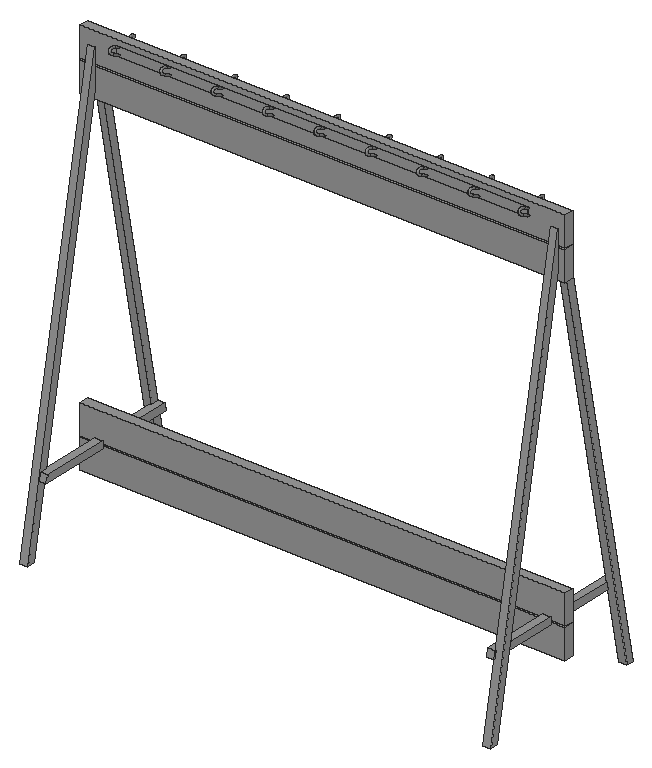
Revit family "Подставка для лыж 16 Арт 10006", category Антураж, Revit 2018
Family settings
  На основе рабочей плоскости = Нет
  Всегда вертикально = Да
  При загрузке вырезать с полостями = Нет
  Источник визуального образа = Геометрия семейства
  Общий = Нет
  Точка расчета площади = Нет
Parameters (values of type "Подставка для лыж 16")
  Ширина = 600 mm  # constant formula
  Цвет каркаса = Дерево
  Описание = "Подставка для лыж 16"  # constant formula
  Материал изделия = "Дерево"  # constant formula
  Изображение типоразмера = Подставка для лыж 16 Арт 10006.jpg
  Изготовитель = "ООО «Хоббика»"  # constant formula
  Длина = 1640 mm  # constant formula
  Группа модели = "Подставки для лыж и сноубордов"  # constant formula
  Высота = 1500 mm  # constant formula
  Артикул товара = "Арт 10006"  # constant formula
  URL = "https://hobbyka.ru/product/podstavka_dlya_lyzh_16/"
Reference planes
  plane 1 "По центру (Вперед/Назад)": y = 0
  plane 2: z = 0
  plane 3 "По центру (Влево/Вправо)": x = 0
  plane 4: y = 600
  plane 5: x = 1640
  plane 6: z = 1500
Forms (mm)
  Extrusion 1, solid, material "Дерево" <- "Цвет каркаса"
    sketch origin (0, 0, 0) x (0, 1, 0) y (0, 0, 1)
      loop
        line (315, 1500) -> (285, 1500) -> (285, 1400) -> (315, 1400) -> (315, 1500)
      loop
        line (315, 1395) -> (285, 1395) -> (285, 1295) -> (315, 1295) -> (315, 1395)
      loop
        line (315, 355) -> (285, 355) -> (285, 255) -> (315, 255) -> (315, 355)
      loop
        line (315, 250) -> (285, 250) -> (285, 150) -> (315, 150) -> (315, 250)
    from 0 to 1640
  Extrusion 2, solid, material "Дерево" <- "Цвет каркаса"
    sketch origin (0, 0, 0) x (0, 1, 0) y (0, 0, 1)
      loop
        line (315, 1450) -> (315, 1320.373) -> (574.522, 0) -> (600, 0) -> (315, 1450)
      loop
        line (285, 1450) -> (0, 0) -> (25.478, 0) -> (285, 1320.373) -> (285, 1450)
    from 25 to 50
  Extrusion 3, solid, material "Дерево" <- "Цвет каркаса"
    sketch origin (0, 0, 0) x (0, 1, 0) y (0, 0, 1)
      loop
        line (552.828, 240) -> (547.914, 265) -> (52.086, 265) -> (47.172, 240) -> (552.828, 240)
    from 50 to 75
  Extrusion 4, solid, material "Дерево" <- "Цвет каркаса"
    sketch origin (1640, 0, 0) x (0, 1, 0) y (0, 0, -1)
      loop
        line (315, -1450) -> (600, 0) -> (574.522, 0) -> (315, -1320.373) -> (315, -1450)
      loop
        line (285, -1450) -> (285, -1320.373) -> (25.478, 0) -> (0, 0) -> (285, -1450)
    from 25 to 50
  Extrusion 5, solid, material "Дерево" <- "Цвет каркаса"
    sketch origin (1640, 0, 0) x (0, 1, 0) y (0, 0, -1)
      loop
        line (552.828, -240) -> (47.172, -240) -> (52.086, -265) -> (547.914, -265) -> (552.828, -240)
    from 50 to 75
  Extrusion 6, solid, material "Хром"
    sketch origin (0, 0, 0) x (1, 0, 0) y (0, 0, 1)
      loop
        line (125, 1480) -> (125, 1448.89) -> (1515, 1448.89) -> (1515, 1480) -> (125, 1480)
    from -284 to -285
  Extrusion 7, solid, material "Хром"
    sketch origin (0, 600, 0) x (1, 0, 0) y (0, 0, -1)
      loop
        line (125, -1480) -> (1515, -1480) -> (1515, -1448.89) -> (125, -1448.89) -> (125, -1480)
    from -284 to -285
  Sweep 8, solid, material "Хром"
    path origin (0, 0, 0) x (0, 1, 0) y (0, 0, 1)
      loop
        line (293.063, 1475.774) -> (270.405, 1486.339)
        spline (270.405, 1486.339) -> (265.534, 1488.141) -> (260.635, 1489.048) -> (256.041, 1488.998) -> (252.066, 1487.995) -> (248.981, 1486.107) -> (246.996, 1483.463) -> (246.247, 1480.243) -> (246.784, 1476.666) -> (248.57, 1472.976) -> (251.485, 1469.426) -> (255.329, 1466.255) -> (259.84, 1463.682)
        line (259.84, 1463.682) -> (291.561, 1448.89)
    profile origin (0, 281.734, 1481.057) x (0, -0.422618, -0.906308) y (1, 0, 0)
      loop
        circle (2.5, 127.5) r 2.5
  Sweep 9, solid, material "Хром"
    path origin (173.75, 0, 0) x (0, 1, 0) y (0, 0, 1)
      loop
        line (293.063, 1475.774) -> (270.405, 1486.339)
        spline (270.405, 1486.339) -> (265.534, 1488.141) -> (260.635, 1489.048) -> (256.041, 1488.998) -> (252.066, 1487.995) -> (248.981, 1486.107) -> (246.996, 1483.463) -> (246.247, 1480.243) -> (246.784, 1476.666) -> (248.57, 1472.976) -> (251.485, 1469.426) -> (255.329, 1466.255) -> (259.84, 1463.682)
        line (259.84, 1463.682) -> (291.561, 1448.89)
    profile origin (173.75, 281.734, 1481.057) x (0, -0.422618, -0.906308) y (1, 0, 0)
      loop
        circle (2.5, 127.5) r 2.5
  Sweep 10, solid, material "Хром"
    path origin (347.5, 0, 0) x (0, 1, 0) y (0, 0, 1)
      loop
        line (293.063, 1475.774) -> (270.405, 1486.339)
        spline (270.405, 1486.339) -> (265.534, 1488.141) -> (260.635, 1489.048) -> (256.041, 1488.998) -> (252.066, 1487.995) -> (248.981, 1486.107) -> (246.996, 1483.463) -> (246.247, 1480.243) -> (246.784, 1476.666) -> (248.57, 1472.976) -> (251.485, 1469.426) -> (255.329, 1466.255) -> (259.84, 1463.682)
        line (259.84, 1463.682) -> (291.561, 1448.89)
    profile origin (347.5, 281.734, 1481.057) x (0, -0.422618, -0.906308) y (1, 0, 0)
      loop
        circle (2.5, 127.5) r 2.5
  Sweep 11, solid, material "Хром"
    path origin (521.25, 0, 0) x (0, 1, 0) y (0, 0, 1)
      loop
        line (293.063, 1475.774) -> (270.405, 1486.339)
        spline (270.405, 1486.339) -> (265.534, 1488.141) -> (260.635, 1489.048) -> (256.041, 1488.998) -> (252.066, 1487.995) -> (248.981, 1486.107) -> (246.996, 1483.463) -> (246.247, 1480.243) -> (246.784, 1476.666) -> (248.57, 1472.976) -> (251.485, 1469.426) -> (255.329, 1466.255) -> (259.84, 1463.682)
        line (259.84, 1463.682) -> (291.561, 1448.89)
    profile origin (521.25, 281.734, 1481.057) x (0, -0.422618, -0.906308) y (1, 0, 0)
      loop
        circle (2.5, 127.5) r 2.5
  Sweep 12, solid, material "Хром"
    path origin (695, 0, 0) x (0, 1, 0) y (0, 0, 1)
      loop
        line (293.063, 1475.774) -> (270.405, 1486.339)
        spline (270.405, 1486.339) -> (265.534, 1488.141) -> (260.635, 1489.048) -> (256.041, 1488.998) -> (252.066, 1487.995) -> (248.981, 1486.107) -> (246.996, 1483.463) -> (246.247, 1480.243) -> (246.784, 1476.666) -> (248.57, 1472.976) -> (251.485, 1469.426) -> (255.329, 1466.255) -> (259.84, 1463.682)
        line (259.84, 1463.682) -> (291.561, 1448.89)
    profile origin (695, 281.734, 1481.057) x (0, -0.422618, -0.906308) y (1, 0, 0)
      loop
        circle (2.5, 127.5) r 2.5
  Sweep 13, solid, material "Хром"
    path origin (868.75, 0, 0) x (0, 1, 0) y (0, 0, 1)
      loop
        line (293.063, 1475.774) -> (270.405, 1486.339)
        spline (270.405, 1486.339) -> (265.534, 1488.141) -> (260.635, 1489.048) -> (256.041, 1488.998) -> (252.066, 1487.995) -> (248.981, 1486.107) -> (246.996, 1483.463) -> (246.247, 1480.243) -> (246.784, 1476.666) -> (248.57, 1472.976) -> (251.485, 1469.426) -> (255.329, 1466.255) -> (259.84, 1463.682)
        line (259.84, 1463.682) -> (291.561, 1448.89)
    profile origin (868.75, 281.734, 1481.057) x (0, -0.422618, -0.906308) y (1, 0, 0)
      loop
        circle (2.5, 127.5) r 2.5
  Sweep 14, solid, material "Хром"
    path origin (1042.5, 0, 0) x (0, 1, 0) y (0, 0, 1)
      loop
        line (293.063, 1475.774) -> (270.405, 1486.339)
        spline (270.405, 1486.339) -> (265.534, 1488.141) -> (260.635, 1489.048) -> (256.041, 1488.998) -> (252.066, 1487.995) -> (248.981, 1486.107) -> (246.996, 1483.463) -> (246.247, 1480.243) -> (246.784, 1476.666) -> (248.57, 1472.976) -> (251.485, 1469.426) -> (255.329, 1466.255) -> (259.84, 1463.682)
        line (259.84, 1463.682) -> (291.561, 1448.89)
    profile origin (1042.5, 281.734, 1481.057) x (0, -0.422618, -0.906308) y (1, 0, 0)
      loop
        circle (2.5, 127.5) r 2.5
  Sweep 15, solid, material "Хром"
    path origin (1640, 0, 0) x (0, 1, 0) y (0, 0, -1)
      loop
        line (293.063, -1475.774) -> (270.405, -1486.339)
        spline (270.405, -1486.339) -> (265.534, -1488.141) -> (260.635, -1489.048) -> (256.041, -1488.998) -> (252.066, -1487.995) -> (248.981, -1486.107) -> (246.996, -1483.463) -> (246.247, -1480.243) -> (246.784, -1476.666) -> (248.57, -1472.976) -> (251.485, -1469.426) -> (255.329, -1466.255) -> (259.84, -1463.682)
        line (259.84, -1463.682) -> (291.561, -1448.89)
    profile origin (1640, 281.734, 1481.057) x (0, 0.422618, 0.906308) y (-1, 0, 0)
      loop
        circle (-2.5, 127.5) r 2.5
  Sweep 16, solid, material "Хром"
    path origin (1216.25, 0, 0) x (0, 1, 0) y (0, 0, 1)
      loop
        line (293.063, 1475.774) -> (270.405, 1486.339)
        spline (270.405, 1486.339) -> (265.534, 1488.141) -> (260.635, 1489.048) -> (256.041, 1488.998) -> (252.066, 1487.995) -> (248.981, 1486.107) -> (246.996, 1483.463) -> (246.247, 1480.243) -> (246.784, 1476.666) -> (248.57, 1472.976) -> (251.485, 1469.426) -> (255.329, 1466.255) -> (259.84, 1463.682)
        line (259.84, 1463.682) -> (291.561, 1448.89)
    profile origin (1216.25, 281.734, 1481.057) x (0, -0.422618, -0.906308) y (1, 0, 0)
      loop
        circle (2.5, 127.5) r 2.5
  Sweep 17, solid, material "Хром"
    path origin (0, 600, 0) x (0, -1, 0) y (0, 0, 1)
      loop
        line (293.063, 1475.774) -> (270.405, 1486.339)
        spline (270.405, 1486.339) -> (265.534, 1488.141) -> (260.635, 1489.048) -> (256.041, 1488.998) -> (252.066, 1487.995) -> (248.981, 1486.107) -> (246.996, 1483.463) -> (246.247, 1480.243) -> (246.784, 1476.666) -> (248.57, 1472.976) -> (251.485, 1469.426) -> (255.329, 1466.255) -> (259.84, 1463.682)
        line (259.84, 1463.682) -> (291.561, 1448.89)
    profile origin (0, 318.266, 1481.057) x (0, -0.422618, 0.906308) y (1, 0, 0)
      loop
        circle (-2.5, 127.5) r 2.5
  Sweep 18, solid, material "Хром"
    path origin (173.75, 600, 0) x (0, -1, 0) y (0, 0, -1)
      loop
        line (293.063, -1475.774) -> (270.405, -1486.339)
        spline (270.405, -1486.339) -> (265.534, -1488.141) -> (260.635, -1489.048) -> (256.041, -1488.998) -> (252.066, -1487.995) -> (248.981, -1486.107) -> (246.996, -1483.463) -> (246.247, -1480.243) -> (246.784, -1476.666) -> (248.57, -1472.976) -> (251.485, -1469.426) -> (255.329, -1466.255) -> (259.84, -1463.682)
        line (259.84, -1463.682) -> (291.561, -1448.89)
    profile origin (173.75, 318.266, 1481.057) x (0, -0.422618, 0.906308) y (1, 0, 0)
      loop
        circle (-2.5, 127.5) r 2.5
  Sweep 19, solid, material "Хром"
    path origin (347.5, 600, 0) x (0, -1, 0) y (0, 0, -1)
      loop
        line (293.063, -1475.774) -> (270.405, -1486.339)
        spline (270.405, -1486.339) -> (265.534, -1488.141) -> (260.635, -1489.048) -> (256.041, -1488.998) -> (252.066, -1487.995) -> (248.981, -1486.107) -> (246.996, -1483.463) -> (246.247, -1480.243) -> (246.784, -1476.666) -> (248.57, -1472.976) -> (251.485, -1469.426) -> (255.329, -1466.255) -> (259.84, -1463.682)
        line (259.84, -1463.682) -> (291.561, -1448.89)
    profile origin (347.5, 318.266, 1481.057) x (0, -0.422618, 0.906308) y (1, 0, 0)
      loop
        circle (-2.5, 127.5) r 2.5
  Sweep 20, solid, material "Хром"
    path origin (521.25, 600, 0) x (0, -1, 0) y (0, 0, -1)
      loop
        line (293.063, -1475.774) -> (270.405, -1486.339)
        spline (270.405, -1486.339) -> (265.534, -1488.141) -> (260.635, -1489.048) -> (256.041, -1488.998) -> (252.066, -1487.995) -> (248.981, -1486.107) -> (246.996, -1483.463) -> (246.247, -1480.243) -> (246.784, -1476.666) -> (248.57, -1472.976) -> (251.485, -1469.426) -> (255.329, -1466.255) -> (259.84, -1463.682)
        line (259.84, -1463.682) -> (291.561, -1448.89)
    profile origin (521.25, 318.266, 1481.057) x (0, -0.422618, 0.906308) y (1, 0, 0)
      loop
        circle (-2.5, 127.5) r 2.5
  Sweep 21, solid, material "Хром"
    path origin (695, 600, 0) x (0, -1, 0) y (0, 0, -1)
      loop
        line (293.063, -1475.774) -> (270.405, -1486.339)
        spline (270.405, -1486.339) -> (265.534, -1488.141) -> (260.635, -1489.048) -> (256.041, -1488.998) -> (252.066, -1487.995) -> (248.981, -1486.107) -> (246.996, -1483.463) -> (246.247, -1480.243) -> (246.784, -1476.666) -> (248.57, -1472.976) -> (251.485, -1469.426) -> (255.329, -1466.255) -> (259.84, -1463.682)
        line (259.84, -1463.682) -> (291.561, -1448.89)
    profile origin (695, 318.266, 1481.057) x (0, -0.422618, 0.906308) y (1, 0, 0)
      loop
        circle (-2.5, 127.5) r 2.5
  Sweep 22, solid, material "Хром"
    path origin (868.75, 600, 0) x (0, -1, 0) y (0, 0, -1)
      loop
        line (293.063, -1475.774) -> (270.405, -1486.339)
        spline (270.405, -1486.339) -> (265.534, -1488.141) -> (260.635, -1489.048) -> (256.041, -1488.998) -> (252.066, -1487.995) -> (248.981, -1486.107) -> (246.996, -1483.463) -> (246.247, -1480.243) -> (246.784, -1476.666) -> (248.57, -1472.976) -> (251.485, -1469.426) -> (255.329, -1466.255) -> (259.84, -1463.682)
        line (259.84, -1463.682) -> (291.561, -1448.89)
    profile origin (868.75, 318.266, 1481.057) x (0, -0.422618, 0.906308) y (1, 0, 0)
      loop
        circle (-2.5, 127.5) r 2.5
  Sweep 23, solid, material "Хром"
    path origin (1042.5, 600, 0) x (0, -1, 0) y (0, 0, -1)
      loop
        line (293.063, -1475.774) -> (270.405, -1486.339)
        spline (270.405, -1486.339) -> (265.534, -1488.141) -> (260.635, -1489.048) -> (256.041, -1488.998) -> (252.066, -1487.995) -> (248.981, -1486.107) -> (246.996, -1483.463) -> (246.247, -1480.243) -> (246.784, -1476.666) -> (248.57, -1472.976) -> (251.485, -1469.426) -> (255.329, -1466.255) -> (259.84, -1463.682)
        line (259.84, -1463.682) -> (291.561, -1448.89)
    profile origin (1042.5, 318.266, 1481.057) x (0, -0.422618, 0.906308) y (1, 0, 0)
      loop
        circle (-2.5, 127.5) r 2.5
  Sweep 24, solid, material "Хром"
    path origin (1640, 600, 0) x (0, -1, 0) y (0, 0, 1)
      loop
        line (293.063, 1475.774) -> (270.405, 1486.339)
        spline (270.405, 1486.339) -> (265.534, 1488.141) -> (260.635, 1489.048) -> (256.041, 1488.998) -> (252.066, 1487.995) -> (248.981, 1486.107) -> (246.996, 1483.463) -> (246.247, 1480.243) -> (246.784, 1476.666) -> (248.57, 1472.976) -> (251.485, 1469.426) -> (255.329, 1466.255) -> (259.84, 1463.682)
        line (259.84, 1463.682) -> (291.561, 1448.89)
    profile origin (1640, 318.266, 1481.057) x (0, 0.422618, -0.906308) y (-1, 0, 0)
      loop
        circle (2.5, 127.5) r 2.5
  Sweep 25, solid, material "Хром"
    path origin (1216.25, 600, 0) x (0, -1, 0) y (0, 0, -1)
      loop
        line (293.063, -1475.774) -> (270.405, -1486.339)
        spline (270.405, -1486.339) -> (265.534, -1488.141) -> (260.635, -1489.048) -> (256.041, -1488.998) -> (252.066, -1487.995) -> (248.981, -1486.107) -> (246.996, -1483.463) -> (246.247, -1480.243) -> (246.784, -1476.666) -> (248.57, -1472.976) -> (251.485, -1469.426) -> (255.329, -1466.255) -> (259.84, -1463.682)
        line (259.84, -1463.682) -> (291.561, -1448.89)
    profile origin (1216.25, 318.266, 1481.057) x (0, -0.422618, 0.906308) y (1, 0, 0)
      loop
        circle (-2.5, 127.5) r 2.5
Cuts and joins
  joined: Extrusion 1, Extrusion 3, Extrusion 5
Dimensions and locks
  "Длина": plane 3 "По центру (Влево/Вправо)" to plane 5
  "Ширина": plane 4 to plane 1 "По центру (Вперед/Назад)"
  "Высота": plane 6 to plane 2
  aligned and locked: level to plane 2
Automatic sketch dimensions
  Extrusion 1 sketch curve to plane 6 = 0 mm
  Extrusion 1 sketch curve to plane 1 "По центру (Вперед/Назад)" = 285 mm  (x2)
  Extrusion 1 sketch curve to Extrusion 1 sketch curve = 0 mm  (x4)
  Extrusion 1 sketch curve to Extrusion 1 sketch curve = 30 mm  (x2)
  Extrusion 1 sketch curve to plane 6 = 100 mm
  Extrusion 1 sketch curve to Extrusion 1 sketch curve = 5 mm  (x2)
  Extrusion 1 sketch curve to Extrusion 1 sketch curve = 100 mm  (x3)
  level to Extrusion 1 sketch curve = 355 mm
  Extrusion 2 sketch curve to level = 0 mm  (x2)
  Extrusion 2 sketch curve to plane 1 "По центру (Вперед/Назад)" = 0 mm
  Extrusion 2 sketch curve to plane 4 = 0 mm
  Extrusion 2 sketch curve to plane 1 "По центру (Вперед/Назад)" = 25.478 mm
  Extrusion 2 sketch curve to plane 1 "По центру (Вперед/Назад)" = 285 mm
  Extrusion 2 sketch curve to plane 6 = 50 mm
  Extrusion 2 sketch curve to Extrusion 2 sketch curve = 30 mm
  Extrusion 2 sketch curve to plane 4 = 25.478 mm
  Extrusion 2 sketch curve to Extrusion 2 sketch curve = 129.627 mm
  Extrusion 2 sketch curve to Extrusion 2 sketch curve = 0 mm  (x2)
  Extrusion 3 sketch curve to plane 1 "По центру (Вперед/Назад)" = 47.172 mm
  Extrusion 3 sketch curve to Extrusion 3 sketch curve = 4.914 mm  (x2)
  Extrusion 3 sketch curve to plane 4 = 52.086 mm
  level to Extrusion 3 sketch curve = 240 mm
  Extrusion 3 sketch curve to Extrusion 3 sketch curve = 25 mm
  Extrusion 4 sketch curve to level = 0 mm  (x2)
  Extrusion 4 sketch curve to plane 1 "По центру (Вперед/Назад)" = 0 mm
  Extrusion 4 sketch curve to plane 4 = 0 mm
  Extrusion 4 sketch curve to plane 1 "По центру (Вперед/Назад)" = 25.478 mm
  Extrusion 4 sketch curve to plane 1 "По центру (Вперед/Назад)" = 285 mm
  Extrusion 4 sketch curve to plane 6 = 50 mm
  Extrusion 4 sketch curve to Extrusion 4 sketch curve = 30 mm
  Extrusion 4 sketch curve to plane 4 = 25.478 mm
  Extrusion 4 sketch curve to Extrusion 4 sketch curve = 0 mm  (x2)
  Extrusion 4 sketch curve to Extrusion 4 sketch curve = 129.627 mm
  Extrusion 5 sketch curve to plane 1 "По центру (Вперед/Назад)" = 47.172 mm
  Extrusion 5 sketch curve to Extrusion 5 sketch curve = 4.914 mm  (x2)
  Extrusion 5 sketch curve to plane 4 = 52.086 mm
  level to Extrusion 5 sketch curve = 265 mm
  Extrusion 5 sketch curve to Extrusion 5 sketch curve = 25 mm
  Extrusion 6 sketch curve to plane 6 = 51.11 mm
  plane 3 "По центру (Влево/Вправо)" to Extrusion 6 sketch curve = 125 mm
  Extrusion 6 sketch curve to plane 5 = 125 mm
  Extrusion 6 sketch curve to plane 6 = 20 mm
  Extrusion 7 sketch curve to plane 6 = 51.11 mm
  plane 3 "По центру (Влево/Вправо)" to Extrusion 7 sketch curve = 125 mm
  Extrusion 7 sketch curve to plane 5 = 125 mm
  Extrusion 7 sketch curve to plane 6 = 20 mm
  Sweep 8 sketch curve to plane 6 = 36.318 mm
  Sweep 8 sketch curve to plane 1 "По центру (Вперед/Назад)" = 259.84 mm
  Sweep 8 sketch curve to plane 6 = 13.661 mm
  Sweep 8 sketch curve to plane 6 = 51.11 mm
  Sweep 8 sketch curve to Sweep 8 sketch curve = 31.721 mm
  Sweep 8 sketch curve to plane 6 = 24.226 mm
  Sweep 8 sketch curve to Sweep 8 sketch curve = 22.658 mm
  Sweep 8 sketch curve to profile plane = 2.5 mm
  plane 3 "По центру (Влево/Вправо)" to Sweep 8 sketch curve = 127.5 mm
  Sweep 9 sketch curve to plane 6 = 36.318 mm
  Sweep 9 sketch curve to plane 1 "По центру (Вперед/Назад)" = 259.84 mm
  Sweep 9 sketch curve to plane 6 = 13.661 mm
  Sweep 9 sketch curve to plane 6 = 51.11 mm
  Sweep 9 sketch curve to Sweep 9 sketch curve = 31.721 mm
  Sweep 9 sketch curve to plane 6 = 24.226 mm
  Sweep 9 sketch curve to Sweep 9 sketch curve = 22.658 mm
  Sweep 9 sketch curve to profile plane = 2.5 mm
  profile plane to Sweep 9 sketch curve = 127.5 mm
  Sweep 10 sketch curve to plane 6 = 36.318 mm
  Sweep 10 sketch curve to plane 1 "По центру (Вперед/Назад)" = 259.84 mm
  Sweep 10 sketch curve to plane 6 = 13.661 mm
  Sweep 10 sketch curve to plane 6 = 51.11 mm
  Sweep 10 sketch curve to Sweep 10 sketch curve = 31.721 mm
  Sweep 10 sketch curve to plane 6 = 24.226 mm
  Sweep 10 sketch curve to Sweep 10 sketch curve = 22.658 mm
  Sweep 10 sketch curve to profile plane = 2.5 mm
  profile plane to Sweep 10 sketch curve = 127.5 mm
  Sweep 11 sketch curve to plane 6 = 36.318 mm
  Sweep 11 sketch curve to plane 1 "По центру (Вперед/Назад)" = 259.84 mm
  Sweep 11 sketch curve to plane 6 = 13.661 mm
  Sweep 11 sketch curve to plane 6 = 51.11 mm
  Sweep 11 sketch curve to Sweep 11 sketch curve = 31.721 mm
  Sweep 11 sketch curve to plane 6 = 24.226 mm
  Sweep 11 sketch curve to Sweep 11 sketch curve = 22.658 mm
  Sweep 11 sketch curve to profile plane = 2.5 mm
  profile plane to Sweep 11 sketch curve = 127.5 mm
  Sweep 12 sketch curve to plane 6 = 36.318 mm
  Sweep 12 sketch curve to plane 1 "По центру (Вперед/Назад)" = 259.84 mm
  Sweep 12 sketch curve to plane 6 = 13.661 mm
  Sweep 12 sketch curve to plane 6 = 51.11 mm
  Sweep 12 sketch curve to Sweep 12 sketch curve = 31.721 mm
  Sweep 12 sketch curve to plane 6 = 24.226 mm
  Sweep 12 sketch curve to Sweep 12 sketch curve = 22.658 mm
  Sweep 12 sketch curve to profile plane = 2.5 mm
  profile plane to Sweep 12 sketch curve = 127.5 mm
  Sweep 13 sketch curve to plane 6 = 36.318 mm
  Sweep 13 sketch curve to plane 1 "По центру (Вперед/Назад)" = 259.84 mm
  Sweep 13 sketch curve to plane 6 = 13.661 mm
  Sweep 13 sketch curve to plane 6 = 51.11 mm
  Sweep 13 sketch curve to Sweep 13 sketch curve = 31.721 mm
  Sweep 13 sketch curve to plane 6 = 24.226 mm
  Sweep 13 sketch curve to Sweep 13 sketch curve = 22.658 mm
  Sweep 13 sketch curve to profile plane = 2.5 mm
  profile plane to Sweep 13 sketch curve = 127.5 mm
  Sweep 14 sketch curve to plane 6 = 36.318 mm
  Sweep 14 sketch curve to plane 1 "По центру (Вперед/Назад)" = 259.84 mm
  Sweep 14 sketch curve to plane 6 = 13.661 mm
  Sweep 14 sketch curve to plane 6 = 51.11 mm
  Sweep 14 sketch curve to Sweep 14 sketch curve = 31.721 mm
  Sweep 14 sketch curve to plane 6 = 24.226 mm
  Sweep 14 sketch curve to Sweep 14 sketch curve = 22.658 mm
  Sweep 14 sketch curve to profile plane = 2.5 mm
  profile plane to Sweep 14 sketch curve = 127.5 mm
  Sweep 15 sketch curve to plane 6 = 36.318 mm
  Sweep 15 sketch curve to plane 1 "По центру (Вперед/Назад)" = 259.84 mm
  Sweep 15 sketch curve to plane 6 = 13.661 mm
  Sweep 15 sketch curve to plane 6 = 51.11 mm
  Sweep 15 sketch curve to Sweep 15 sketch curve = 31.721 mm
  Sweep 15 sketch curve to plane 6 = 24.226 mm
  Sweep 15 sketch curve to Sweep 15 sketch curve = 22.658 mm
  profile plane to Sweep 15 sketch curve = 2.5 mm
  profile plane to Sweep 15 sketch curve = 127.5 mm
  Sweep 16 sketch curve to plane 6 = 36.318 mm
  Sweep 16 sketch curve to plane 1 "По центру (Вперед/Назад)" = 259.84 mm
  Sweep 16 sketch curve to plane 6 = 13.661 mm
  Sweep 16 sketch curve to plane 6 = 51.11 mm
  Sweep 16 sketch curve to Sweep 16 sketch curve = 31.721 mm
  Sweep 16 sketch curve to plane 6 = 24.226 mm
  Sweep 16 sketch curve to Sweep 16 sketch curve = 22.658 mm
  Sweep 16 sketch curve to profile plane = 2.5 mm
  profile plane to Sweep 16 sketch curve = 127.5 mm
  plane 6 to Sweep 17 sketch curve = 36.318 mm
  plane 4 to Sweep 17 sketch curve = 259.84 mm
  plane 6 to Sweep 17 sketch curve = 13.661 mm
  plane 6 to Sweep 17 sketch curve = 51.11 mm
  Sweep 17 sketch curve to Sweep 17 sketch curve = 31.721 mm
  plane 6 to Sweep 17 sketch curve = 24.226 mm
  Sweep 17 sketch curve to Sweep 17 sketch curve = 22.658 mm
  profile plane to Sweep 17 sketch curve = 2.5 mm
  plane 3 "По центру (Влево/Вправо)" to Sweep 17 sketch curve = 127.5 mm
  Sweep 18 sketch curve to plane 6 = 36.318 mm
  Sweep 18 sketch curve to plane 4 = 259.84 mm
  Sweep 18 sketch curve to plane 6 = 13.661 mm
  Sweep 18 sketch curve to plane 6 = 51.11 mm
  Sweep 18 sketch curve to Sweep 18 sketch curve = 31.721 mm
  Sweep 18 sketch curve to plane 6 = 24.226 mm
  Sweep 18 sketch curve to Sweep 18 sketch curve = 22.658 mm
  profile plane to Sweep 18 sketch curve = 2.5 mm
  profile plane to Sweep 18 sketch curve = 127.5 mm
  Sweep 19 sketch curve to plane 6 = 36.318 mm
  Sweep 19 sketch curve to plane 4 = 259.84 mm
  Sweep 19 sketch curve to plane 6 = 13.661 mm
  Sweep 19 sketch curve to plane 6 = 51.11 mm
  Sweep 19 sketch curve to Sweep 19 sketch curve = 31.721 mm
  Sweep 19 sketch curve to plane 6 = 24.226 mm
  Sweep 19 sketch curve to Sweep 19 sketch curve = 22.658 mm
  profile plane to Sweep 19 sketch curve = 2.5 mm
  profile plane to Sweep 19 sketch curve = 127.5 mm
  Sweep 20 sketch curve to plane 6 = 36.318 mm
  Sweep 20 sketch curve to plane 4 = 259.84 mm
  Sweep 20 sketch curve to plane 6 = 13.661 mm
  Sweep 20 sketch curve to plane 6 = 51.11 mm
  Sweep 20 sketch curve to Sweep 20 sketch curve = 31.721 mm
  Sweep 20 sketch curve to plane 6 = 24.226 mm
  Sweep 20 sketch curve to Sweep 20 sketch curve = 22.658 mm
  profile plane to Sweep 20 sketch curve = 2.5 mm
  profile plane to Sweep 20 sketch curve = 127.5 mm
  Sweep 21 sketch curve to plane 6 = 36.318 mm
  Sweep 21 sketch curve to plane 4 = 259.84 mm
  Sweep 21 sketch curve to plane 6 = 13.661 mm
  Sweep 21 sketch curve to plane 6 = 51.11 mm
  Sweep 21 sketch curve to Sweep 21 sketch curve = 31.721 mm
  Sweep 21 sketch curve to plane 6 = 24.226 mm
  Sweep 21 sketch curve to Sweep 21 sketch curve = 22.658 mm
  profile plane to Sweep 21 sketch curve = 2.5 mm
  profile plane to Sweep 21 sketch curve = 127.5 mm
  Sweep 22 sketch curve to plane 6 = 36.318 mm
  Sweep 22 sketch curve to plane 4 = 259.84 mm
  Sweep 22 sketch curve to plane 6 = 13.661 mm
  Sweep 22 sketch curve to plane 6 = 51.11 mm
  Sweep 22 sketch curve to Sweep 22 sketch curve = 31.721 mm
  Sweep 22 sketch curve to plane 6 = 24.226 mm
  Sweep 22 sketch curve to Sweep 22 sketch curve = 22.658 mm
  profile plane to Sweep 22 sketch curve = 2.5 mm
  profile plane to Sweep 22 sketch curve = 127.5 mm
  Sweep 23 sketch curve to plane 6 = 36.318 mm
  Sweep 23 sketch curve to plane 4 = 259.84 mm
  Sweep 23 sketch curve to plane 6 = 13.661 mm
  Sweep 23 sketch curve to plane 6 = 51.11 mm
  Sweep 23 sketch curve to Sweep 23 sketch curve = 31.721 mm
  Sweep 23 sketch curve to plane 6 = 24.226 mm
  Sweep 23 sketch curve to Sweep 23 sketch curve = 22.658 mm
  profile plane to Sweep 23 sketch curve = 2.5 mm
  profile plane to Sweep 23 sketch curve = 127.5 mm
  Sweep 24 sketch curve to plane 6 = 36.318 mm
  Sweep 24 sketch curve to plane 4 = 259.84 mm
  Sweep 24 sketch curve to plane 6 = 13.661 mm
  Sweep 24 sketch curve to plane 6 = 51.11 mm
  Sweep 24 sketch curve to Sweep 24 sketch curve = 31.721 mm
  Sweep 24 sketch curve to plane 6 = 24.226 mm
  Sweep 24 sketch curve to Sweep 24 sketch curve = 22.658 mm
  Sweep 24 sketch curve to profile plane = 2.5 mm
  profile plane to Sweep 24 sketch curve = 127.5 mm
  Sweep 25 sketch curve to plane 6 = 36.318 mm
  Sweep 25 sketch curve to plane 4 = 259.84 mm
  Sweep 25 sketch curve to plane 6 = 13.661 mm
  Sweep 25 sketch curve to plane 6 = 51.11 mm
  Sweep 25 sketch curve to Sweep 25 sketch curve = 31.721 mm
  Sweep 25 sketch curve to plane 6 = 24.226 mm
  Sweep 25 sketch curve to Sweep 25 sketch curve = 22.658 mm
  profile plane to Sweep 25 sketch curve = 2.5 mm
  profile plane to Sweep 25 sketch curve = 127.5 mm
  radius of Sweep 8 sketch curve = 2.5 mm
  radius of Sweep 9 sketch curve = 2.5 mm
  radius of Sweep 10 sketch curve = 2.5 mm
  radius of Sweep 11 sketch curve = 2.5 mm
  radius of Sweep 12 sketch curve = 2.5 mm
  radius of Sweep 13 sketch curve = 2.5 mm
  radius of Sweep 14 sketch curve = 2.5 mm
  radius of Sweep 15 sketch curve = 2.5 mm
  radius of Sweep 16 sketch curve = 2.5 mm
  radius of Sweep 17 sketch curve = 2.5 mm
  radius of Sweep 18 sketch curve = 2.5 mm
  radius of Sweep 19 sketch curve = 2.5 mm
  radius of Sweep 20 sketch curve = 2.5 mm
  radius of Sweep 21 sketch curve = 2.5 mm
  radius of Sweep 22 sketch curve = 2.5 mm
  radius of Sweep 23 sketch curve = 2.5 mm
  radius of Sweep 24 sketch curve = 2.5 mm
  radius of Sweep 25 sketch curve = 2.5 mm
